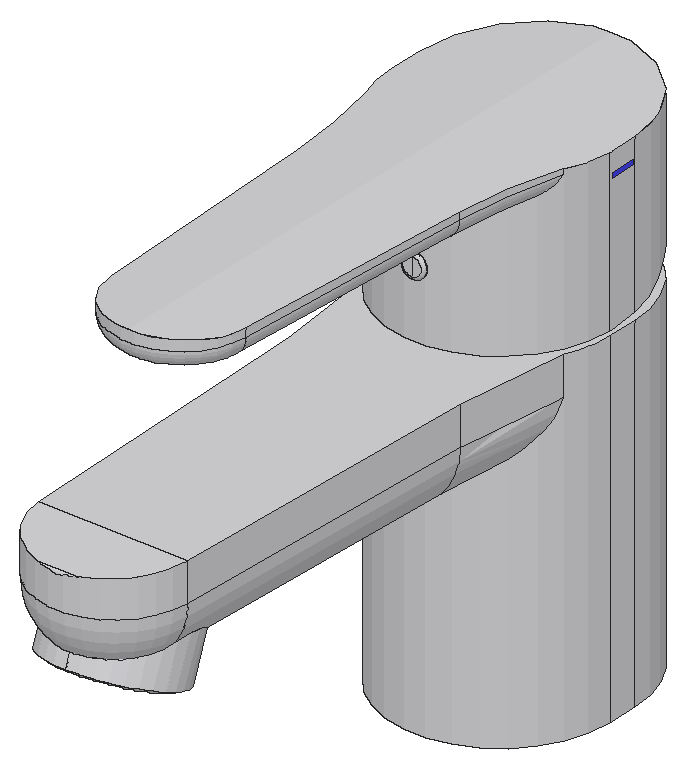
Revit family "Faucet-Lavatory-KOHLER-July-K-16027IN_1", category Plumbing Fixtures, host Face, Revit 2017
Family settings
  Host = Face
  Round Connector Dimension = Use Diameter
  Part Type = Normal
  OmniClass Number = 23.31.11.00
  OmniClass Title = Faucets
  Cut with Voids When Loaded = No
  Shared = No
  Room Calculation Point = No
Parameters (values of type "CP-Polished Chrome")
  Width = 1 7/8"  # constant formula
  WaterSense Certified = 1 = 0  # no
  Waste Water Outlet = "Waste Water Outlet"  # constant formula
  Waste Connection = 1 = 0  # no
  Vent Connection = 1 = 0  # no
  URL = "https://www.kohler.co.in/"
  Type = 1
  Spout Reach = 4 11/32"  # constant formula
  Product Page URL = "https://www.kohler.co.in/product-detail/16027in-4nd?skuid=K-16027IN-4ND-CP"
  Product Name = "July"  # constant formula
  Product Documentation Link = "http://resources.kohler.com/plumbing/kohlerindia/pdf/16027in_4nd_cp.pdf"
  Pressure = 0.00 psi
  Model = if(Type = 1, "K-16027IN-4ND-CP", if(Type = 2, "K-16027IN-4ND-BN", if(Type = 3, "K-16027IN-4ND-AF", "NA")))  # "K-16027IN-4ND-CP"
  Material = "Solid Brass Construction"  # constant formula
  Master Format 2014 Name = "Residential Faucets, Supplies, and Trim"  # constant formula
  Master Format 2014 = "22 41 39"  # constant formula
  Manufacturer Address = "Ambience Office Tower NH-8 Gurgaon / Gurugram Haryana , 122001"  # constant formula
  Manufacturer = "KOHLER Co."  # constant formula
  Length = Spout Reach  # 4 11/32"
  Hot Water Inlet = "Hot Water Inlet"  # constant formula
  Height = 4 125/256"  # constant formula
  Handle Clearance = 4 11/64"  # constant formula
  HW Connection = 1 = 1  # yes
  Flow Rate = 0 GPM
  Finish = Kohler-Metal-CP-Polished_Chrome
  Environmental Product Declaration = ""
  Drain Included = 1 = 0  # no
  Description = "Single control lavatory faucet"  # constant formula
  Default Elevation = 36"
  Declare Label = ""
  Date Modified = "08/27/2020"  # constant formula
  Date Created = "08/27/2020"  # constant formula
  Copyright = "Copyright KOHLER Co."  # constant formula
  Contact Us = "https://www.kohler.co.in/contact-us"
  Cold Water Inlet = "Cold Water Inlet"  # constant formula
  CW Connection = 1 = 1  # yes
  Assembly Code = "D2010"
  ADA Compliant = 1 = 0  # no
Types (4): name | Type | Product Page URL | Model | Finish
  (no name) | 1 | "https://www.kohler.co.in/product-detail/16027in-4nd?skuid=K-16027IN-4ND-CP" | "K-16027IN-4ND-CP" | Kohler-Metal-CP-Polished_Chrome
  CP-Polished Chrome | 1 | "https://www.kohler.co.in/product-detail/16027in-4nd?skuid=K-16027IN-4ND-CP" | "K-16027IN-4ND-CP" | Kohler-Metal-CP-Polished_Chrome
  BN-Vibrant Brushed Nickel | 2 | "https://www.kohler.co.in/product-detail/16027in-4nd?skuid=K-16027IN-4ND-BN" | "K-16027IN-4ND-BN" | Kohler-Metal-BN-Vibrant_Brushed_Nickel
  AF-Vibrant French Gold | 3 | "https://www.kohler.co.in/product-detail/16027in-4nd?skuid=K-16027IN-4ND-AF" | "K-16027IN-4ND-AF" | Kohler-Metal-AF-Vibrant_French_Gold
Reference planes
  plane 1 "Center (Front/Back)": y = 0
  plane 2: z = 0
  plane 3 "Center (Left/Right)": x = 0
  plane 4: y = 27.384
  plane 5: y = -27.384
  plane 6: y = -110.331
  plane 7: x = 23.813
  plane 8: x = -23.812
  plane 9: z = 114.002
  plane 10: z = 48.913
  plane 11: y = -105.966
  plane 12: y = -125.787
  plane 13: x = -12.299
  plane 14: x = 12.299
Dimensions and locks
  "Width": plane 8 to plane 7
  "Length": plane 6 to plane 1 "Center (Front/Back)"
  "Spout Reach": plane 1 "Center (Front/Back)" to plane 6
  "Handle Clearance": plane 11 to plane 1 "Center (Front/Back)"
  "Height": plane 9 to level
  plane 10 to level = 1.92569"
  aligned and locked: plane 2 to host face
  aligned and locked: level to host face
  aligned and locked: level to nested 1
Automatic sketch dimensions
  host sketch curve to host sketch curve = 96"  (x2)
Nested families
  nested 1: "K-16027IN" at (0, 0, -24.906), type "K-16027IN"
Connectors
  piping at (-12.299, 0, 0), diameter 12.7, driven by "Flow Rate", driven by "Pressure", driven by "HW Connection", driven by "Hot Water Inlet"
    settings: on nested 1, index 1, connector inside diameter 24", connector length 0", flow factor 0, pipe flow 0 GPM, pressure drop 0.00 psi, fitting loss kfactor 0, connector angle 0.00°, fixture units 0, engagement length 0", angle of deflection 0.00°, flow configuration 0, flow direction 1, fitting loss method 0, system type 19, joint type 0, gender type 0, connector reference index -1, connector utility 1, adjustable connector no, is connector primary yes, connector description "Hot Water Inlet"
  piping at (12.299, 0, 0), diameter 12.7, driven by "Flow Rate", driven by "Pressure", driven by "CW Connection", driven by "Cold Water Inlet"
    settings: on nested 1, index 2, connector inside diameter 24", connector length 0", flow factor 0, pipe flow 0 GPM, pressure drop 0.00 psi, fitting loss kfactor 0, connector angle 0.00°, fixture units 0, engagement length 0", angle of deflection 0.00°, flow configuration 0, flow direction 1, fitting loss method 0, system type 20, joint type 0, gender type 0, connector reference index -1, connector utility 1, adjustable connector no, is connector primary no, connector description "Cold Water Inlet"
Definition of nested family "K-16027IN"
  Parameters (values of type "K-16027IN")
    Material = none
  Reference planes
    plane 1 "Center (Front/Back)": y = 0
    plane 2: z = 0
    plane 3 "Center (Left/Right)": x = 0
    plane 4: y = -110.331
    plane 5: z = 138.906
    plane 6: x = 23.813
    plane 7: x = -23.812
    plane 8: z = 73.819
    plane 9: y = 27.384
    plane 10: y = -27.384
    plane 11: x = -12.299
    plane 12: z = 24.906
    plane 13: x = 12.299
  Forms (mm)
    Revolve 1, solid, material <- "Material", detail levels medium+fine
      sketch origin (0, 0, 23.222) x (0, -1, 0) y (0, 0, 1)
        loop
          line (-24.939, 77.285) -> (-4.621, 77.285) -> (-4.621, 90.161) -> (-21.389, 90.161) -> (-22.393, 88.151)
          arc (-22.393, 88.151) -> (-24.028, 83.868) -> (-24.795, 79.349) r 23.355
          line (-24.795, 79.349) -> (-24.939, 77.285)
        axis (-4.621, 90.161) -> (-4.621, 77.285)
      angle from 0 to 360
    Extrusion 2, void
      sketch origin (0, -0.397, 23.123) x (0, -1, 0) y (0, 0, 1)
        loop
          line (-29.496, 90.459) -> (-29.496, 77.886) -> (28.588, 77.886) -> (28.588, 78.938) -> (2.454, 78.938)
          arc (2.454, 78.938) -> (-4.618, 79.713) -> (-11.356, 82) r 32.677
          line (-11.356, 82) -> (-29.496, 90.459)
        loop
          arc (109.603, 77.886) -> (117.194, 77.705) -> (124.767, 77.162) r 159.131
          arc (124.767, 77.162) -> (125.211, 76.94) -> (125.39, 76.477) r 0.688
          line (125.39, 76.477) -> (125.39, 73.176) -> (130.39, 73.176) -> (130.39, 83.176) -> (104.292, 83.176) -> (104.292, 77.886) -> (109.603, 77.886)
      from -33.139 to 33.857
    Extrusion 3, solid, material <- "Material", detail levels medium+fine
      sketch origin (0, 0, 0) x (0, -1, 0) y (1, 0, 0)
        loop
          line (3.521, 23.812) -> (-3.521, 23.812)
          arc (-3.521, 23.812) -> (-27.333, 0) -> (-3.521, -23.812) r 23.812
          line (-3.521, -23.812) -> (3.521, -23.812)
          arc (3.521, -23.812) -> (27.333, 0) -> (3.521, 23.812) r 23.812
      from 24.906 to 147.259
    Extrusion 4, solid, material <- "Material", detail levels medium+fine
      sketch origin (0, 0.794, 23.222) x (0, -1, 0) y (1, 0, 0)
        loop
          arc (37.997, 17.721) -> (23.802, 19.408) -> (9.941, 22.898) r 111.483
          arc (9.941, 22.898) -> (26.636, 0) -> (9.941, -22.898) r 24.05
          arc (9.941, -22.898) -> (23.802, -19.408) -> (37.997, -17.721) r 111.483
          line (37.997, -17.721) -> (92.775, -14.752)
          arc (92.775, -14.752) -> (106.749, 0) -> (92.775, 14.752) r 14.774
          line (92.775, 14.752) -> (37.997, 17.721)
      from 108.702 to 124.036
    Sweep 5, void
      path origin (0, 0.794, 23.222) x (0, -1, 0) y (1, 0, 0)
        loop
          arc (14.418, -21.563) -> (26.104, -19.009) -> (37.997, -17.721) r 111.483
          line (37.997, -17.721) -> (92.775, -14.752)
          arc (92.775, -14.752) -> (106.749, 0) -> (92.775, 14.752) r 14.774
          line (92.775, 14.752) -> (37.997, 17.721)
          arc (37.997, 17.721) -> (26.104, 19.009) -> (14.418, 21.563) r 111.483
      profile origin (0, -105.955, 23.222) x (0, 1, 0) y (0, 0, 1)
        loop
          arc (4.484, 108.702) -> (1.313, 110.015) -> (0, 113.186) r 4.484
          line (0, 113.186) -> (0, 114.113) -> (-1.686, 114.113) -> (-1.686, 106.545) -> (6.287, 106.545) -> (6.287, 108.702) -> (4.484, 108.702)
    Sweep 6, solid, material <- "Material", detail levels medium+fine
      path origin (0, 0, 0) x (0, -1, 0) y (1, 0, 0)
        loop
          arc (8.812, 22.547) -> (23.465, 20.002) -> (38.289, 18.809) r 162.178
          line (38.289, 18.809) -> (110, 16.339)
          arc (110, 16.339) -> (125.786, 0) -> (110, -16.339) r 16.349
          line (110, -16.339) -> (38.289, -18.809)
          arc (38.289, -18.809) -> (23.465, -20.002) -> (8.812, -22.547) r 162.178
      profile origin (0, -125.786, 0) x (0, -1, 0) y (0, 0, 1)
        loop
          arc (-15, 77.494) -> (-4.393, 81.888) -> (0, 92.494) r 15
          line (0, 92.494) -> (0, 101.009) -> (-15.89, 101.009) -> (-15.89, 77.494) -> (-15, 77.494)
    Revolve 7, solid, material <- "Material", detail levels medium+fine
      sketch origin (0, 0, 0) x (0, -1, 0) y (0, 0, 1)
        loop
          line (97.073, 69.052) -> (97.858, 69.369)
          arc (97.858, 69.369) -> (98.151, 69.07) -> (98.569, 69.067) r 0.547
          line (98.569, 69.067) -> (100.171, 69.714) -> (99.604, 71.119) -> (109.764, 75.224) -> (105.838, 84.94) -> (92.784, 79.666) -> (97.073, 69.052)
        axis (105.838, 84.94) -> (110.331, 73.819)
      angle from 0 to 360
    Extrusion 8, solid, material <- "Material", detail levels coarse
      sketch origin (0, 0, 0) x (0, -1, 0) y (1, 0, 0)
        loop
          arc (-3.521, 23.812) -> (-27.333, 0) -> (-3.521, -23.812) r 23.812
          line (-3.521, -23.812) -> (3.521, -23.812)
          arc (3.521, -23.812) -> (27.333, 0) -> (3.521, 23.812) r 23.812
          line (3.521, 23.812) -> (-3.521, 23.812)
      from 24.906 to 138.906
    Extrusion 9, solid, material <- "Material", detail levels coarse
      sketch origin (0, 0, 0) x (0, -1, 0) y (1, 0, 0)
        loop
          line (93.526, 14.752) -> (9.926, 19.284) -> (9.926, -19.284) -> (93.526, -14.752)
          arc (93.526, -14.752) -> (107.5, 0) -> (93.526, 14.752) r 14.774
      from 131.924 to 138.906
    Extrusion 10, solid, material <- "Material", detail levels coarse
      sketch origin (0, 0, 0) x (0, -1, 0) y (1, 0, 0)
        loop
          line (101.314, 16.339) -> (8.487, 19.536) -> (8.487, -19.536) -> (101.314, -16.339)
          arc (101.314, -16.339) -> (117.101, 0) -> (101.314, 16.339) r 16.349
      from 77.494 to 101.009
    Extrusion 11, solid, material <- "Material", detail levels medium+fine
      sketch origin (0, 0, 0) x (0, -1, 0) y (1, 0, 0)
        loop
          arc (37.742, 2.928) -> (21.466, 4.238) -> (5.377, 7.033) r 178.068
          line (5.377, 7.033) -> (5.377, -7.033)
          arc (5.377, -7.033) -> (21.466, -4.238) -> (37.742, -2.928) r 178.068
          line (37.742, -2.928) -> (109.453, -0.459)
          arc (109.453, -0.459) -> (109.896, 0) -> (109.453, 0.459) r 0.459
          line (109.453, 0.459) -> (37.742, 2.928)
      from 77.494 to 101.009
    Extrusion 12, void
      sketch origin (0, 0, 0) x (1, 0, 0) y (0, 0, 1)
        loop
          line (32.225, 157.927) -> (-32.225, 157.927) -> (-32.225, 135.739)
          arc (-32.225, 135.739) -> (0, 138.906) -> (32.225, 135.739) r 165.503
          line (32.225, 135.739) -> (32.225, 157.927)
      from -36.886 to 109.17
    Extrusion 13, solid, material <- "Material", detail levels medium+fine
      sketch origin (0, 0, 0) x (1, 0, 0) y (0, 1, 0)
        loop
          circle (-12.299, 0) r 6.35
        loop
          circle (12.299, 0) r 6.35
      from 24.906 to 27.843
    Revolve 14, solid, material <- "Material", detail levels medium+fine
      sketch origin (0, 0, 4.375) x (0, 1, 0) y (0, 0, 1)
        loop
          line (-27.948, 112.687) -> (-26.53, 112.687) -> (-26.53, 115.38) -> (-27.327, 115.38)
          arc (-27.327, 115.38) -> (-27.766, 115.198) -> (-27.948, 114.759) r 0.621
          line (-27.948, 114.759) -> (-27.948, 112.687)
        axis (-27.948, 112.687) -> (-26.53, 112.687)
      angle from 0 to 360
    Extrusion 15, solid
      sketch origin (0, 0, 0) x (1, 0, 0) y (0, 1, 0)
        loop
          line (-23.891, -2.754) -> (-23.086, -2.754) -> (-23.086, 2.91) -> (-23.891, 2.91) -> (-23.891, -2.754)
      from 131.9 to 132.9
    Extrusion 16, solid
      sketch origin (0, 0, 0) x (-1, 0, 0) y (0, -1, 0)
        loop
          line (-23.891, 2.754) -> (-23.891, -2.91) -> (-23.086, -2.91) -> (-23.086, 2.754) -> (-23.891, 2.754)
      from 131.9 to 132.9
  Cuts and joins
    Extrusion 12 cuts Extrusion 8
    Extrusion 12 cuts Extrusion 9
    joined: Extrusion 8, Extrusion 9, Extrusion 10
    Extrusion 2, Extrusion 12 cuts Extrusion 3
    Sweep 5, Extrusion 12 cuts Extrusion 4
    Extrusion 2 cuts Sweep 6
    joined: Revolve 1, Extrusion 3, Extrusion 4, Sweep 6, Revolve 7, Extrusion 11
  Lines and regions (mm)
    Masking region 1
      outline origin (0, 0, 0) x (1, 0, 0) y (0, 0, 1)
        loop
          line (-23.812, 24.906) -> (23.813, 24.906) -> (23.813, 99.009)
          arc (23.813, 99.009) -> (23.227, 100.424) -> (21.813, 101.009) r 2
          line (21.813, 101.009) -> (19.465, 101.009) -> (19.465, 102.687) -> (21.813, 102.687)
          arc (21.813, 102.687) -> (23.227, 103.272) -> (23.813, 104.687) r 2
          line (23.813, 104.687) -> (23.813, 135.881)
          arc (23.813, 135.881) -> (23.443, 136.867) -> (22.517, 137.367) r 1.5
          arc (22.517, 137.367) -> (19.887, 137.707) -> (17.253, 138.005) r 165.503
          arc (17.253, 138.005) -> (8.638, 138.681) -> (0, 138.906) r 165.503
          arc (0, 138.906) -> (-9.114, 138.655) -> (-18.2, 137.903) r 165.503
          arc (-18.2, 137.903) -> (-20.36, 137.649) -> (-22.517, 137.367) r 165.503
          arc (-22.517, 137.367) -> (-23.443, 136.867) -> (-23.812, 135.881) r 1.5
          line (-23.812, 135.881) -> (-23.812, 104.711)
          arc (-23.812, 104.711) -> (-23.22, 103.279) -> (-21.789, 102.687) r 2.024
          line (-21.789, 102.687) -> (-19.465, 102.687) -> (-19.465, 101.009) -> (-21.812, 101.009)
          arc (-21.812, 101.009) -> (-23.227, 100.424) -> (-23.812, 99.009) r 2
          line (-23.812, 99.009) -> (-23.812, 24.906)
    Masking region 2
      outline origin (0, 0, 0) x (0, 1, 0) y (0, 0, 1)
        loop
          line (27.384, 24.906) -> (27.384, 99.503)
          arc (27.384, 99.503) -> (26.943, 100.568) -> (25.878, 101.009) r 1.506
          line (25.878, 101.009) -> (24.902, 101.009)
          arc (24.902, 101.009) -> (24.227, 106.188) -> (22.38, 111.074) r 22.589
          line (22.38, 111.074) -> (26.465, 112.979)
          arc (26.465, 112.979) -> (27.135, 113.566) -> (27.384, 114.422) r 1.592
          line (27.384, 114.422) -> (27.384, 137.37)
          arc (27.384, 137.37) -> (27.214, 137.828) -> (26.785, 138.063) r 0.7
          arc (26.785, 138.063) -> (20.933, 138.695) -> (15.051, 138.906) r 82.018
          line (15.051, 138.906) -> (-95, 138.906)
          arc (-95, 138.906) -> (-100.193, 138.704) -> (-105.355, 138.1) r 66.875
          arc (-105.355, 138.1) -> (-105.785, 137.86) -> (-105.955, 137.398) r 0.71
          line (-105.955, 137.398) -> (-105.955, 136.339)
          arc (-105.955, 136.339) -> (-105.34, 134.247) -> (-103.69, 132.821) r 3.864
          arc (-103.69, 132.821) -> (-97.393, 131.167) -> (-90.905, 131.703) r 19.276
          arc (-90.905, 131.703) -> (-90.039, 131.869) -> (-89.16, 131.924) r 6.99
          line (-89.16, 131.924) -> (-38.384, 131.924)
          arc (-38.384, 131.924) -> (-30.689, 128.785) -> (-27.387, 121.159) r 11
          line (-27.387, 121.159) -> (-27.387, 119.753)
          arc (-27.387, 119.753) -> (-27.787, 119.552) -> (-27.948, 119.134) r 0.621
          line (-27.948, 119.134) -> (-27.948, 114.989)
          arc (-27.948, 114.989) -> (-27.786, 114.571) -> (-27.384, 114.37) r 0.621
          line (-27.384, 114.37) -> (-27.384, 104.187)
          arc (-27.384, 104.187) -> (-26.945, 103.126) -> (-25.884, 102.687) r 1.5
          line (-25.884, 102.687) -> (-20.187, 102.687) -> (-20.187, 101.009) -> (-110, 101.009)
          arc (-110, 101.009) -> (-117.591, 100.828) -> (-125.164, 100.285) r 159.131
          arc (-125.164, 100.285) -> (-125.608, 100.063) -> (-125.786, 99.6) r 0.688
          line (-125.786, 99.6) -> (-125.786, 92.494)
          arc (-125.786, 92.494) -> (-124.985, 87.656) -> (-122.665, 83.334) r 15
          line (-122.665, 83.334) -> (-123.118, 82.212) -> (-122.391, 81.918) -> (-123.307, 79.651) -> (-122.395, 79.283)
          arc (-122.395, 79.283) -> (-122.392, 78.864) -> (-122.093, 78.571) r 0.547
          line (-122.093, 78.571) -> (-98.569, 69.067)
          arc (-98.569, 69.067) -> (-98.151, 69.07) -> (-97.858, 69.369) r 0.547
          line (-97.858, 69.369) -> (-96.946, 69) -> (-96.03, 71.267) -> (-95.303, 70.973) -> (-92.668, 77.494) -> (-41.384, 77.494)
          arc (-41.384, 77.494) -> (-31.485, 73.394) -> (-27.384, 63.494) r 14
          line (-27.384, 63.494) -> (-27.384, 24.906) -> (27.384, 24.906)
    Masking region 3
      outline origin (0, 0, 0) x (1, 0, 0) y (0, 1, 0)
        loop
          line (-23.812, 3.521) -> (-23.812, -3.521)
          arc (-23.812, -3.521) -> (-23.577, -6.86) -> (-22.876, -10.133) r 23.812
          arc (-22.876, -10.133) -> (-20.884, -18.364) -> (-19.62, -26.737) r 96.512
          arc (-19.62, -26.737) -> (-19.112, -32.506) -> (-18.809, -38.289) r 162.178
          line (-18.809, -38.289) -> (-16.339, -110)
          arc (-16.339, -110) -> (0, -125.787) -> (16.339, -110) r 16.349
          line (16.339, -110) -> (18.809, -38.289)
          arc (18.809, -38.289) -> (19.112, -32.506) -> (19.62, -26.737) r 162.178
          arc (19.62, -26.737) -> (20.884, -18.364) -> (22.876, -10.133) r 96.512
          arc (22.876, -10.133) -> (23.577, -6.86) -> (23.813, -3.521) r 23.812
          line (23.813, -3.521) -> (23.813, 3.521)
          arc (23.813, 3.521) -> (16.841, 20.377) -> (0, 27.384) r 23.864
          arc (0, 27.384) -> (-16.841, 20.377) -> (-23.812, 3.521) r 23.864
    symbolic lines, detail levels medium+fine
      curve 1: spline (0, 0, 69.714) -> (-2.836, 0, 69.854) -> (-5.479, 0, 70.264) -> (-7.748, 0, 70.916) -> (-9.49, 0, 71.766) -> (-10.584, 0, 72.756) -> (-10.958, 0, 73.819) -> (-10.584, 0, 74.881) -> (-9.49, 0, 75.871) -> (-7.748, 0, 76.721) -> (-5.479, 0, 77.374) -> (-2.836, 0, 77.784) -> (0, 0, 77.924)
      curve 2: spline (0, 0, 68.707) -> (-3.882, 0, 68.898) -> (-7.5, 0, 69.459) -> (-10.607, 0, 70.352) -> (-12.99, 0, 71.516) -> (-14.489, 0, 72.871) -> (-15, 0, 74.326) -> (-14.489, 0, 75.78) -> (-12.99, 0, 77.135) -> (-10.607, 0, 78.299) -> (-7.5, 0, 79.192) -> (-3.882, 0, 79.753) -> (0, 0, 79.945)
      curve 3: spline (0, 0, 69.369) -> (-3.425, 0, 69.538) -> (-6.616, 0, 70.033) -> (-9.357, 0, 70.821) -> (-11.46, 0, 71.847) -> (-12.782, 0, 73.043) -> (-13.232, 0, 74.326) -> (-12.782, 0, 75.609) -> (-11.46, 0, 76.804) -> (-9.357, 0, 77.831) -> (-6.616, 0, 78.619) -> (-3.425, 0, 79.114) -> (0, 0, 79.283)
      curve 4: spline (0, 0, 71.119) -> (-1.274, 0, 71.147) -> (-2.532, 0, 71.23) -> (-3.754, 0, 71.368) -> (-4.926, 0, 71.557) -> (-6.031, 0, 71.797) -> (-7.054, 0, 72.083) -> (-7.981, 0, 72.411) -> (-8.8, 0, 72.778) -> (-9.5, 0, 73.178) -> (-10.071, 0, 73.606) -> (-10.505, 0, 74.056) -> (-10.796, 0, 74.521)
      curve 5: spline (0, 0, 69.714) -> (2.836, 0, 69.854) -> (5.479, 0, 70.264) -> (7.748, 0, 70.916) -> (9.49, 0, 71.766) -> (10.584, 0, 72.756) -> (10.958, 0, 73.819) -> (10.584, 0, 74.881) -> (9.49, 0, 75.871) -> (7.748, 0, 76.721) -> (5.479, 0, 77.374) -> (2.836, 0, 77.784) -> (0, 0, 77.924)
      curve 6: spline (0, 0, 68.707) -> (3.882, 0, 68.898) -> (7.5, 0, 69.459) -> (10.607, 0, 70.352) -> (12.99, 0, 71.516) -> (14.489, 0, 72.871) -> (15, 0, 74.326) -> (14.489, 0, 75.78) -> (12.99, 0, 77.135) -> (10.607, 0, 78.299) -> (7.5, 0, 79.192) -> (3.882, 0, 79.753) -> (0, 0, 79.945)
      curve 7: spline (0, 0, 69.369) -> (3.425, 0, 69.538) -> (6.616, 0, 70.033) -> (9.357, 0, 70.821) -> (11.46, 0, 71.847) -> (12.782, 0, 73.043) -> (13.232, 0, 74.326) -> (12.782, 0, 75.609) -> (11.46, 0, 76.804) -> (9.357, 0, 77.831) -> (6.616, 0, 78.619) -> (3.425, 0, 79.114) -> (0, 0, 79.283)
      curve 8: spline (0, 0, 71.119) -> (1.274, 0, 71.147) -> (2.532, 0, 71.23) -> (3.754, 0, 71.368) -> (4.926, 0, 71.557) -> (6.031, 0, 71.797) -> (7.054, 0, 72.083) -> (7.981, 0, 72.411) -> (8.8, 0, 72.778) -> (9.5, 0, 73.178) -> (10.071, 0, 73.606) -> (10.505, 0, 74.056) -> (10.796, 0, 74.521)
      curve 9: arc (-15, 0, 80.775) -> (-17.768, 0, 84.753) -> (-18.743, 0, 89.501) r 12.042
      curve 10: line (-18.743, 0, 89.501) -> (-18.743, 0, 101.009)
      curve 11: line (-19.465, 0, 101.009) -> (19.465, 0, 101.009)
      curve 12: line (-15, 0, 74.326) -> (-15, 0, 81.452)
      curve 13: spline (-15, 0, 81.452) -> (-14.872, 0, 82.185) -> (-14.489, 0, 82.906) -> (-13.858, 0, 83.602) -> (-12.99, 0, 84.261) -> (-11.9, 0, 84.872) -> (-10.607, 0, 85.425) -> (-9.131, 0, 85.91) -> (-7.5, 0, 86.318) -> (-5.74, 0, 86.643) -> (-3.882, 0, 86.879) -> (-1.958, 0, 87.023) -> (0, 0, 87.071)
      curve 14: arc (15, 0, 80.775) -> (17.768, 0, 84.753) -> (18.743, 0, 89.501) r 12.042
      curve 15: line (18.743, 0, 89.501) -> (18.743, 0, 101.009)
      curve 16: line (15, 0, 74.326) -> (15, 0, 81.452)
      curve 17: spline (15, 0, 81.452) -> (14.872, 0, 82.185) -> (14.489, 0, 82.906) -> (13.858, 0, 83.602) -> (12.99, 0, 84.261) -> (11.9, 0, 84.872) -> (10.607, 0, 85.425) -> (9.131, 0, 85.91) -> (7.5, 0, 86.318) -> (5.74, 0, 86.643) -> (3.882, 0, 86.879) -> (1.958, 0, 87.023) -> (0, 0, 87.071)
      curve 18: line (19.465, 0, 102.687) -> (-19.465, 0, 102.687)
      curve 19: line (-8.223, 0, 83.279) -> (-8.223, 0, 79.025)
      curve 20: line (8.223, 0, 83.279) -> (8.223, 0, 79.025)
      curve 21: arc (-8.223, 0, 83.279) -> (0, 0, 84.429) -> (8.223, 0, 83.279) r 29.968
      curve 22: line (0, 22.38, 111.074) -> (0, 10.959, 105.748)
      curve 23: arc (0, -2.851, 102.687) -> (0, 4.221, 103.461) -> (0, 10.959, 105.748) r 32.677
      curve 24: line (0, -2.851, 102.687) -> (0, -20.187, 102.687)
      curve 25: line (0, 24.902, 101.009) -> (0, -20.187, 101.009)
      curve 26: arc (0, -104.064, 79.272) -> (0, -98.304, 77.941) -> (0, -92.41, 77.494) r 39.085
      curve 27: arc (-14.752, -91.981, 0) -> (0, -105.955, 0) -> (14.752, -91.981, 0) r 14.774
      curve 28: line (-17.721, -37.203, 0) -> (-14.752, -91.981, 0)
      curve 29: arc (-23.512, -7.29, 0) -> (-19.59, -22.048, 0) -> (-17.721, -37.203, 0) r 111.483
      curve 30: line (17.721, -37.203, 0) -> (14.752, -91.981, 0)
      curve 31: arc (23.512, -7.29, 0) -> (19.59, -22.048, 0) -> (17.721, -37.203, 0) r 111.483
      curve 32: line (0, -97.858, 69.369) -> (0, -122.395, 79.283)
      curve 33: arc (0, -122.665, 83.334) -> (0, -113.275, 81.712) -> (0, -104.064, 79.272) r 108.604
      curve 34: line (-15.64, 0, 131.924) -> (15.64, 0, 131.924)
      curve 35: arc (-21.563, 0, 136.408) -> (-19.355, 0, 133.172) -> (-15.64, 0, 131.924) r 6.153
      curve 36: arc (21.563, 0, 136.408) -> (19.355, 0, 133.172) -> (15.64, 0, 131.924) r 6.153
      curve 37: line (0, -27.387, 119.753) -> (0, -27.384, 114.37)
      curve 38: circle (0, 0, 117.062) r 2.694 normal (0, -1, 0)
      curve 39: arc (-21.349, 0, 137.524) -> (-21.587, 0, 136.991) -> (-21.563, 0, 136.408) r 1.268
      curve 40: arc (21.349, 0, 137.524) -> (21.587, 0, 136.991) -> (21.563, 0, 136.408) r 1.268
      curve 41: arc (-18.22, 0, 137.082) -> (-16.132, 0, 133.388) -> (-12.148, 0, 131.924) r 6.153
      curve 42: arc (-17.721, 0, 137.955) -> (-18.125, 0, 137.607) -> (-18.22, 0, 137.082) r 0.797
      curve 43: arc (18.22, 0, 137.082) -> (16.132, 0, 133.388) -> (12.148, 0, 131.924) r 6.153
      curve 44: arc (17.721, 0, 137.955) -> (18.125, 0, 137.607) -> (18.22, 0, 137.082) r 0.797
      curve 45: line (0, 2.91, 131.9) -> (0, -2.754, 131.9)
      curve 46: line (0, -2.754, 131.9) -> (0, -2.754, 132.9)
      curve 47: line (0, -2.754, 132.9) -> (0, 2.91, 132.9)
      curve 48: line (0, 2.91, 132.9) -> (0, 2.91, 131.9)
  Dimensions and locks
    plane 1 "Center (Front/Back)" to plane 4 = 4 11/32"
    plane 7 to plane 6 = 1 7/8"
    plane 4 to plane 1 "Center (Front/Back)" = 4 11/32"
    plane 5 to plane 12 = 4.48819"
    plane 8 to plane 12 = 1.92569"
    aligned and locked: plane 2 to level
